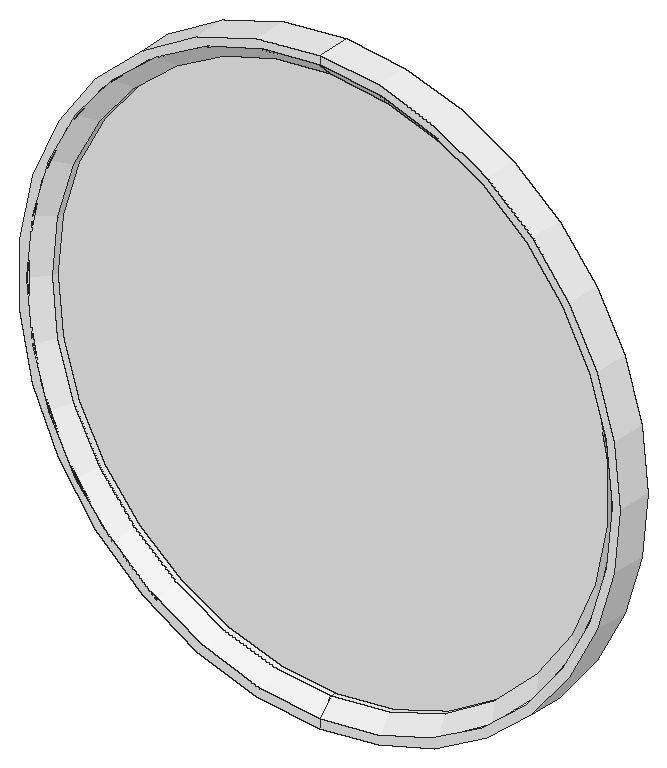
Revit family "xarita s mirror with led lights", category Furniture, Revit 2019 (continued)
Definition of nested family "54986-54986700-matt_white-400_matt_white_content"
  Forms (mm)
    Extrusion 4, solid, visible <- "ContentVisible", detail levels medium+fine
      sketch origin (0, 0, 0) x (0, 0, -1) y (0, 1, 0)
        loop
          line (326.2, -33) -> (343, -50) -> (353, -50) -> (353, -11) -> (326.2, -11) -> (326.2, -33)
      from -493 to 493
    Extrusion 5, solid, visible <- "ContentVisible", detail levels medium+fine
      sketch origin (0, -11, 0) x (1, 0, 0) y (0, 0, -1)
        loop
          arc (-496, -278) -> (-478.134, -321.134) -> (-435, -339) r 61
          line (-435, -339) -> (0, -339) -> (0, -302) -> (-459, -302) -> (-459, 302) -> (0, 302) -> (0, 339) -> (-435, 339)
          arc (-435, 339) -> (-478.134, 321.134) -> (-496, 278) r 61
          line (-496, 278) -> (-496, -278)
      from 0 to 7.5
    Extrusion 6, solid, visible <- "ContentVisible", detail levels medium+fine
      sketch origin (0, -11, 0) x (1, 0, 0) y (0, 0, -1)
        loop
          line (0, -302) -> (0, -339) -> (435, -339)
          arc (435, -339) -> (478.134, -321.134) -> (496, -278) r 61
          line (496, -278) -> (496, 278)
          arc (496, 278) -> (478.134, 321.134) -> (435, 339) r 61
          line (435, 339) -> (0, 339) -> (0, 302) -> (459, 302) -> (459, -302) -> (0, -302)
      from 0 to 7.5
    Extrusion 7, solid, visible <- "ContentVisible", detail levels medium+fine
      sketch origin (0, 0, 0) x (1, 0, 0) y (0, 0, -1)
        loop
          arc (-485, -256) -> (-467.134, -299.134) -> (-424, -317) r 61
          line (-424, -317) -> (0, -317) -> (0, -284) -> (-452, -284) -> (-452, 284) -> (0, 284) -> (0, 317) -> (-424, 317)
          arc (-424, 317) -> (-467.134, 299.134) -> (-485, 256) r 61
          line (-485, 256) -> (-485, -256)
      from -11 to 0
    Extrusion 8, solid, visible <- "ContentVisible", detail levels medium+fine
      sketch origin (0, 0, 0) x (1, 0, 0) y (0, 0, -1)
        loop
          line (0, -284) -> (0, -317) -> (424, -317)
          arc (424, -317) -> (467.134, -299.134) -> (485, -256) r 61
          line (485, -256) -> (485, 256)
          arc (485, 256) -> (467.134, 299.134) -> (424, 317) r 61
          line (424, 317) -> (0, 317) -> (0, 284) -> (452, 284) -> (452, -284) -> (0, -284)
      from -11 to 0
    Extrusion 9, solid, visible <- "ContentVisible", detail levels medium+fine
      sketch origin (0, -26, 0) x (1, 0, 0) y (0, 0, -1)
        loop
          line (-489.6, 326) -> (-489.6, -326) -> (489.6, -326) -> (489.6, 326) -> (-489.6, 326)
      from 0 to 4
    Extrusion 10, solid, visible <- "ContentVisible", detail levels coarse
      sketch origin (0, -25, -353) x (1, 0, 0) y (0, 1, 0)
        loop
          line (-503, -25) -> (503, -25) -> (503, 25) -> (-503, 25) -> (-503, -25)
      from 0 to 706
  Dimensions and locks
    aligned and locked: level to plane 2
Definition of nested family "54987-54987700-matt_white-200_matt_white_content"
  Parameters (values of type "54987-54987700-MATT_WHITE-200_MATT_WHITE_Content")
    etim7_EC010550 = "EC010550"
    WIDTH = "806"
    WEIGHT = "9"
    UNSPSC = "56 | Furniture and Furnishings"
    UNIFORMATII = "E2010 | Fixed Furnishings"
    UNICLASS_2015_CODE = "25_71_53_06"
    UNICLASS2015 = "Pr_25_71_53_06 | Bathroom mirrors"
    TYPE = "R"
    SPECIFICATION = "Surfaces:    - 54987700 Matt White      Specification:    • material: mirror glass   • material frame: aluminium   • surface material: powder coating   • MoistureProof: durable and splash water resistant material  • SmartTouch: light control via capacitive sensor, sensor switch in the mirror surface  • light source: LED, exchangeable  • direct LED light with 5 different color temperatures gradations  • colour temperature: 2700 - 6500 K  • LED lifetime: > 50.000 hours   • stepless dimmable  • AntiFog: with mirror heating  • Auto-off function: automatic shutdown for all functions   • Memory function: Dimming, color temperature and RGB LED settings  • with mounting material  • concealed fastening  • wall-mounted"
    R1 = 706
    PRODUCTURL = "https://pro.hansgrohe.com/articledetail--54987700"
    PERMALINK = "54987XXX"
    OMNICLASS = "23-21 37 13 15 | Mirrors"
    OBJECTTYPE = "Object (single object)"
    NN = "Xarita S Mirror with LED lights"
    NBSYN = "$BASENUMBER.-$ARTNR.-$MATERIAL.-$LODLEVEL."
    NB = "54987-54987700-MATT_WHITE-200"
    NAME = "Xarita E Mirror with LED lights 800/50 capacitive touch sensor"
    Model = "54987-54987700-MATT_WHITE-200"
    Manufacturer = "Hansgrohe"
    MATERIAL = "MATT_WHITE"
    MASTERFORMAT = "08 83 00 | Mirrors"
    LODLEVEL = "200"
    LINA = "54987-54987700-MATT_WHITE-200"
    L = 806
    IFC = "Furnishing element"
    IDNR = 7
    HEIGHT = "706"
    GTINCODE = "4059625463819"
    ETIM = "EC010550 | Mirror"
    Default Elevation = 1219.2 mm
    DESIGN = "Germany"
    DEPTH = "50"
    ContentVisible [instance] = yes
    COLLECTIONSET = "Xarita E"
    COLLECTIONGROUP = "Mirrors"
    CATALOG = "Hansgrohe"
    BIMOBJECT = "Sanitary: Mirrors"
    BASENUMBER = "54987"
    ARTNR = "54987700"
  Reference planes
    plane 1 "Center (Front/Back)": y = 0
    plane 2: z = 0
    plane 3 "Center (Left/Right)": x = 0
  Forms (mm)
    Extrusion 1, solid, visible <- "ContentVisible", detail levels medium+fine
      sketch origin (0, -26, 0) x (1, 0, 0) y (0, 0, -1)
        loop
          line (-389.6, 326) -> (-389.6, -326) -> (389.6, -326) -> (389.6, 326) -> (-389.6, 326)
      from 0 to 4
    Extrusion 2, solid, visible <- "ContentVisible", detail levels medium+fine
      sketch origin (0, 0, 0) x (1, 0, 0) y (0, 0, -1)
        loop
          line (-403, 353) -> (-403, -353) -> (0, -353) -> (0, -326) -> (-376, -326) -> (-376, 326) -> (0, 326) -> (0, 353) -> (-403, 353)
      from -50 to 0
    Extrusion 3, solid, visible <- "ContentVisible", detail levels medium+fine
      sketch origin (0, 0, 0) x (1, 0, 0) y (0, 0, -1)
        loop
          line (0, -326) -> (0, -353) -> (403, -353) -> (403, 353) -> (0, 353) -> (0, 326) -> (376, 326) -> (376, -326) -> (0, -326)
      from -50 to 0
    Extrusion 4, solid, visible <- "ContentVisible", detail levels coarse
      sketch origin (0, -25, -353) x (1, 0, 0) y (0, 1, 0)
        loop
          line (-403, -25) -> (403, -25) -> (403, 25) -> (-403, 25) -> (-403, -25)
      from 0 to 706
  Dimensions and locks
    aligned and locked: level to plane 2
Definition of nested family "54987-54987700-matt_white-400_matt_white_content"
  Parameters (values of type "54987-54987700-MATT_WHITE-400_MATT_WHITE_Content")
    etim7_EC010550 = "EC010550"
    WIDTH = "806"
    WEIGHT = "9"
    UNSPSC = "56 | Furniture and Furnishings"
    UNIFORMATII = "E2010 | Fixed Furnishings"
    UNICLASS_2015_CODE = "25_71_53_06"
    UNICLASS2015 = "Pr_25_71_53_06 | Bathroom mirrors"
    TYPE = "R"
    SPECIFICATION = "Surfaces:    - 54987700 Matt White      Specification:    • material: mirror glass   • material frame: aluminium   • surface material: powder coating   • MoistureProof: durable and splash water resistant material  • SmartTouch: light control via capacitive sensor, sensor switch in the mirror surface  • light source: LED, exchangeable  • direct LED light with 5 different color temperatures gradations  • colour temperature: 2700 - 6500 K  • LED lifetime: > 50.000 hours   • stepless dimmable  • AntiFog: with mirror heating  • Auto-off function: automatic shutdown for all functions   • Memory function: Dimming, color temperature and RGB LED settings  • with mounting material  • concealed fastening  • wall-mounted"
    R1 = 706
    PRODUCTURL = "https://pro.hansgrohe.com/articledetail--54987700"
    PERMALINK = "54987XXX"
    OMNICLASS = "23-21 37 13 15 | Mirrors"
    OBJECTTYPE = "Object (single object)"
    NN = "Xarita S Mirror with LED lights"
    NBSYN = "$BASENUMBER.-$ARTNR.-$MATERIAL.-$LODLEVEL."
    NB = "54987-54987700-MATT_WHITE-400"
    NAME = "Xarita E Mirror with LED lights 800/50 capacitive touch sensor"
    Model = "54987-54987700-MATT_WHITE-400"
    Manufacturer = "Hansgrohe"
    MATERIAL = "MATT_WHITE"
    MASTERFORMAT = "08 83 00 | Mirrors"
    LODLEVEL = "400"
    LINA = "54987-54987700-MATT_WHITE-400"
    L = 806
    IFC = "Furnishing element"
    IDNR = 7
    HEIGHT = "706"
    GTINCODE = "4059625463819"
    ETIM = "EC010550 | Mirror"
    Default Elevation = 1219.2 mm
    DESIGN = "Germany"
    DEPTH = "50"
    ContentVisible [instance] = yes
    COLLECTIONSET = "Xarita E"
    COLLECTIONGROUP = "Mirrors"
    CATALOG = "Hansgrohe"
    BIMOBJECT = "Sanitary: Mirrors"
    BASENUMBER = "54987"
    ARTNR = "54987700"
  Reference planes
    plane 1 "Center (Front/Back)": y = 0
    plane 2: z = 0
    plane 3 "Center (Left/Right)": x = 0
  Forms (mm)
    Extrusion 1, solid, visible <- "ContentVisible", detail levels medium+fine
      sketch origin (0, 0, 0) x (0, 0, -1) y (0, 1, 0)
        loop
          line (-353, -50) -> (-343, -50) -> (-326.2, -33) -> (-326.2, -11) -> (-353, -11) -> (-353, -50)
      from -393 to 393
    Extrusion 2, solid, visible <- "ContentVisible", detail levels medium+fine
      sketch origin (0, 0, 0) x (1, 0, 0) y (0, 1, 0)
        loop
          line (-403, -11) -> (-403, -50) -> (-393, -50) -> (-376.2, -33) -> (-376.2, -11) -> (-403, -11)
      from -353 to 353
    Extrusion 3, solid, visible <- "ContentVisible", detail levels medium+fine
      sketch origin (0, 0, 0) x (1, 0, 0) y (0, 1, 0)
        loop
          line (376.2, -33) -> (393, -50) -> (403, -50) -> (403, -11) -> (376.2, -11) -> (376.2, -33)
      from -353 to 353
    Extrusion 4, solid, visible <- "ContentVisible", detail levels medium+fine
      sketch origin (0, 0, 0) x (0, 0, -1) y (0, 1, 0)
        loop
          line (326.2, -33) -> (343, -50) -> (353, -50) -> (353, -11) -> (326.2, -11) -> (326.2, -33)
      from -393 to 393
    Extrusion 5, solid, visible <- "ContentVisible", detail levels medium+fine
      sketch origin (0, -11, 0) x (1, 0, 0) y (0, 0, -1)
        loop
          arc (-396, -278) -> (-378.134, -321.134) -> (-335, -339) r 61
          line (-335, -339) -> (0, -339) -> (0, -302) -> (-359, -302) -> (-359, 302) -> (0, 302) -> (0, 339) -> (-335, 339)
          arc (-335, 339) -> (-378.134, 321.134) -> (-396, 278) r 61
          line (-396, 278) -> (-396, -278)
      from 0 to 7.5
    Extrusion 6, solid, visible <- "ContentVisible", detail levels medium+fine
      sketch origin (0, -11, 0) x (1, 0, 0) y (0, 0, -1)
        loop
          line (0, -302) -> (0, -339) -> (335, -339)
          arc (335, -339) -> (378.134, -321.134) -> (396, -278) r 61
          line (396, -278) -> (396, 278)
          arc (396, 278) -> (378.134, 321.134) -> (335, 339) r 61
          line (335, 339) -> (0, 339) -> (0, 302) -> (359, 302) -> (359, -302) -> (0, -302)
      from 0 to 7.5
    Extrusion 7, solid, visible <- "ContentVisible", detail levels medium+fine
      sketch origin (0, 0, 0) x (1, 0, 0) y (0, 0, -1)
        loop
          arc (-385, -256) -> (-367.134, -299.134) -> (-324, -317) r 61
          line (-324, -317) -> (0, -317) -> (0, -284) -> (-352, -284) -> (-352, 284) -> (0, 284) -> (0, 317) -> (-324, 317)
          arc (-324, 317) -> (-367.134, 299.134) -> (-385, 256) r 61
          line (-385, 256) -> (-385, -256)
      from -11 to 0
    Extrusion 8, solid, visible <- "ContentVisible", detail levels medium+fine
      sketch origin (0, 0, 0) x (1, 0, 0) y (0, 0, -1)
        loop
          line (0, -284) -> (0, -317) -> (324, -317)
          arc (324, -317) -> (367.134, -299.134) -> (385, -256) r 61
          line (385, -256) -> (385, 256)
          arc (385, 256) -> (367.134, 299.134) -> (324, 317) r 61
          line (324, 317) -> (0, 317) -> (0, 284) -> (352, 284) -> (352, -284) -> (0, -284)
      from -11 to 0
    Extrusion 9, solid, visible <- "ContentVisible", detail levels medium+fine
      sketch origin (0, -26, 0) x (1, 0, 0) y (0, 0, -1)
        loop
          line (-389.6, 326) -> (-389.6, -326) -> (389.6, -326) -> (389.6, 326) -> (-389.6, 326)
      from 0 to 4
    Extrusion 10, solid, visible <- "ContentVisible", detail levels coarse
      sketch origin (0, -25, -353) x (1, 0, 0) y (0, 1, 0)
        loop
          line (-403, -25) -> (403, -25) -> (403, 25) -> (-403, 25) -> (-403, -25)
      from 0 to 706
  Dimensions and locks
    aligned and locked: level to plane 2
Definition of nested family "54988-54988700-matt_white-200_matt_white_content"
  Parameters (values of type "54988-54988700-MATT_WHITE-200_MATT_WHITE_Content")
    etim7_EC010550 = "EC010550"
    WIDTH = "606"
    WEIGHT = "7.2"
    UNSPSC = "56 | Furniture and Furnishings"
    UNIFORMATII = "E2010 | Fixed Furnishings"
    UNICLASS_2015_CODE = "25_71_53_06"
    UNICLASS2015 = "Pr_25_71_53_06 | Bathroom mirrors"
    TYPE = "R"
    SPECIFICATION = "Surfaces:    - 54988700 Matt White      Specification:    • material: mirror glass   • material frame: aluminium   • surface material: powder coating   • MoistureProof: durable and splash water resistant material  • SmartTouch: light control via capacitive sensor, sensor switch in the mirror surface  • light source: LED, exchangeable  • direct LED light with 5 different color temperatures gradations  • colour temperature: 2700 - 6500 K  • LED lifetime: > 50.000 hours   • stepless dimmable  • AntiFog: with mirror heating  • Auto-off function: automatic shutdown for all functions   • Memory function: Dimming, color temperature and RGB LED settings  • with mounting material  • concealed fastening  • wall-mounted"
    R1 = 706
    PRODUCTURL = "https://pro.hansgrohe.com/articledetail--54988700"
    PERMALINK = "54988XXX"
    OMNICLASS = "23-21 37 13 15 | Mirrors"
    OBJECTTYPE = "Object (single object)"
    NN = "Xarita S Mirror with LED lights"
    NBSYN = "$BASENUMBER.-$ARTNR.-$MATERIAL.-$LODLEVEL."
    NB = "54988-54988700-MATT_WHITE-200"
    NAME = "Xarita E Mirror with LED lights 600/50 capacitive touch sensor"
    Model = "54988-54988700-MATT_WHITE-200"
    Manufacturer = "Hansgrohe"
    MATERIAL = "MATT_WHITE"
    MASTERFORMAT = "08 83 00 | Mirrors"
    LODLEVEL = "200"
    LINA = "54988-54988700-MATT_WHITE-200"
    L = 606
    IFC = "Furnishing element"
    IDNR = 8
    HEIGHT = "706"
    GTINCODE = "4059625463802"
    ETIM = "EC010550 | Mirror"
    Default Elevation = 1219.2 mm
    DESIGN = "Germany"
    DEPTH = "50"
    ContentVisible [instance] = yes
    COLLECTIONSET = "Xarita E"
    COLLECTIONGROUP = "Mirrors"
    CATALOG = "Hansgrohe"
    BIMOBJECT = "Sanitary: Mirrors"
    BASENUMBER = "54988"
    ARTNR = "54988700"
  Reference planes
    plane 1 "Center (Front/Back)": y = 0
    plane 2: z = 0
    plane 3 "Center (Left/Right)": x = 0
  Forms (mm)
    Extrusion 1, solid, visible <- "ContentVisible", detail levels medium+fine
      sketch origin (0, -26, 0) x (1, 0, 0) y (0, 0, -1)
        loop
          line (-289.6, 326) -> (-289.6, -326) -> (289.6, -326) -> (289.6, 326) -> (-289.6, 326)
      from 0 to 4
    Extrusion 2, solid, visible <- "ContentVisible", detail levels medium+fine
      sketch origin (0, 0, 0) x (1, 0, 0) y (0, 0, -1)
        loop
          line (-303, 353) -> (-303, -353) -> (0, -353) -> (0, -326) -> (-276, -326) -> (-276, 326) -> (0, 326) -> (0, 353) -> (-303, 353)
      from -50 to 0
    Extrusion 3, solid, visible <- "ContentVisible", detail levels medium+fine
      sketch origin (0, 0, 0) x (1, 0, 0) y (0, 0, -1)
        loop
          line (0, -326) -> (0, -353) -> (303, -353) -> (303, 353) -> (0, 353) -> (0, 326) -> (276, 326) -> (276, -326) -> (0, -326)
      from -50 to 0
    Extrusion 4, solid, visible <- "ContentVisible", detail levels coarse
      sketch origin (0, -25, -353) x (1, 0, 0) y (0, 1, 0)
        loop
          line (-303, -25) -> (303, -25) -> (303, 25) -> (-303, 25) -> (-303, -25)
      from 0 to 706
  Dimensions and locks
    aligned and locked: level to plane 2
Definition of nested family "54988-54988700-matt_white-400_matt_white_content"
  Parameters (values of type "54988-54988700-MATT_WHITE-400_MATT_WHITE_Content")
    etim7_EC010550 = "EC010550"
    WIDTH = "606"
    WEIGHT = "7.2"
    UNSPSC = "56 | Furniture and Furnishings"
    UNIFORMATII = "E2010 | Fixed Furnishings"
    UNICLASS_2015_CODE = "25_71_53_06"
    UNICLASS2015 = "Pr_25_71_53_06 | Bathroom mirrors"
    TYPE = "R"
    SPECIFICATION = "Surfaces:    - 54988700 Matt White      Specification:    • material: mirror glass   • material frame: aluminium   • surface material: powder coating   • MoistureProof: durable and splash water resistant material  • SmartTouch: light control via capacitive sensor, sensor switch in the mirror surface  • light source: LED, exchangeable  • direct LED light with 5 different color temperatures gradations  • colour temperature: 2700 - 6500 K  • LED lifetime: > 50.000 hours   • stepless dimmable  • AntiFog: with mirror heating  • Auto-off function: automatic shutdown for all functions   • Memory function: Dimming, color temperature and RGB LED settings  • with mounting material  • concealed fastening  • wall-mounted"
    R1 = 706
    PRODUCTURL = "https://pro.hansgrohe.com/articledetail--54988700"
    PERMALINK = "54988XXX"
    OMNICLASS = "23-21 37 13 15 | Mirrors"
    OBJECTTYPE = "Object (single object)"
    NN = "Xarita S Mirror with LED lights"
    NBSYN = "$BASENUMBER.-$ARTNR.-$MATERIAL.-$LODLEVEL."
    NB = "54988-54988700-MATT_WHITE-400"
    NAME = "Xarita E Mirror with LED lights 600/50 capacitive touch sensor"
    Model = "54988-54988700-MATT_WHITE-400"
    Manufacturer = "Hansgrohe"
    MATERIAL = "MATT_WHITE"
    MASTERFORMAT = "08 83 00 | Mirrors"
    LODLEVEL = "400"
    LINA = "54988-54988700-MATT_WHITE-400"
    L = 606
    IFC = "Furnishing element"
    IDNR = 8
    HEIGHT = "706"
    GTINCODE = "4059625463802"
    ETIM = "EC010550 | Mirror"
    Default Elevation = 1219.2 mm
    DESIGN = "Germany"
    DEPTH = "50"
    ContentVisible [instance] = yes
    COLLECTIONSET = "Xarita E"
    COLLECTIONGROUP = "Mirrors"
    CATALOG = "Hansgrohe"
    BIMOBJECT = "Sanitary: Mirrors"
    BASENUMBER = "54988"
    ARTNR = "54988700"
  Reference planes
    plane 1 "Center (Front/Back)": y = 0
    plane 2: z = 0
    plane 3 "Center (Left/Right)": x = 0
  Forms (mm)
    Extrusion 1, solid, visible <- "ContentVisible", detail levels medium+fine
      sketch origin (0, 0, 0) x (0, 0, -1) y (0, 1, 0)
        loop
          line (-353, -50) -> (-343, -50) -> (-326.2, -33) -> (-326.2, -11) -> (-353, -11) -> (-353, -50)
      from -293 to 293
    Extrusion 2, solid, visible <- "ContentVisible", detail levels medium+fine
      sketch origin (0, 0, 0) x (1, 0, 0) y (0, 1, 0)
        loop
          line (-303, -11) -> (-303, -50) -> (-293, -50) -> (-276.2, -33) -> (-276.2, -11) -> (-303, -11)
      from -353 to 353
    Extrusion 3, solid, visible <- "ContentVisible", detail levels medium+fine
      sketch origin (0, 0, 0) x (1, 0, 0) y (0, 1, 0)
        loop
          line (276.2, -33) -> (293, -50) -> (303, -50) -> (303, -11) -> (276.2, -11) -> (276.2, -33)
      from -353 to 353
    Extrusion 4, solid, visible <- "ContentVisible", detail levels medium+fine
      sketch origin (0, 0, 0) x (0, 0, -1) y (0, 1, 0)
        loop
          line (326.2, -33) -> (343, -50) -> (353, -50) -> (353, -11) -> (326.2, -11) -> (326.2, -33)
      from -293 to 293
    Extrusion 5, solid, visible <- "ContentVisible", detail levels medium+fine
      sketch origin (0, -11, 0) x (1, 0, 0) y (0, 0, -1)
        loop
          arc (-296, -278) -> (-278.134, -321.134) -> (-235, -339) r 61
          line (-235, -339) -> (0, -339) -> (0, -302) -> (-259, -302) -> (-259, 302) -> (0, 302) -> (0, 339) -> (-235, 339)
          arc (-235, 339) -> (-278.134, 321.134) -> (-296, 278) r 61
          line (-296, 278) -> (-296, -278)
      from 0 to 7.5
    Extrusion 6, solid, visible <- "ContentVisible", detail levels medium+fine
      sketch origin (0, -11, 0) x (1, 0, 0) y (0, 0, -1)
        loop
          line (0, -302) -> (0, -339) -> (235, -339)
          arc (235, -339) -> (278.134, -321.134) -> (296, -278) r 61
          line (296, -278) -> (296, 278)
          arc (296, 278) -> (278.134, 321.134) -> (235, 339) r 61
          line (235, 339) -> (0, 339) -> (0, 302) -> (259, 302) -> (259, -302) -> (0, -302)
      from 0 to 7.5
    Extrusion 7, solid, visible <- "ContentVisible", detail levels medium+fine
      sketch origin (0, 0, 0) x (1, 0, 0) y (0, 0, -1)
        loop
          arc (-285, -256) -> (-267.134, -299.134) -> (-224, -317) r 61
          line (-224, -317) -> (0, -317) -> (0, -284) -> (-252, -284) -> (-252, 284) -> (0, 284) -> (0, 317) -> (-224, 317)
          arc (-224, 317) -> (-267.134, 299.134) -> (-285, 256) r 61
          line (-285, 256) -> (-285, -256)
      from -11 to 0
    Extrusion 8, solid, visible <- "ContentVisible", detail levels medium+fine
      sketch origin (0, 0, 0) x (1, 0, 0) y (0, 0, -1)
        loop
          line (0, -284) -> (0, -317) -> (224, -317)
          arc (224, -317) -> (267.134, -299.134) -> (285, -256) r 61
          line (285, -256) -> (285, 256)
          arc (285, 256) -> (267.134, 299.134) -> (224, 317) r 61
          line (224, 317) -> (0, 317) -> (0, 284) -> (252, 284) -> (252, -284) -> (0, -284)
      from -11 to 0
    Extrusion 9, solid, visible <- "ContentVisible", detail levels medium+fine
      sketch origin (0, -26, 0) x (1, 0, 0) y (0, 0, -1)
        loop
          line (-289.6, 326) -> (-289.6, -326) -> (289.6, -326) -> (289.6, 326) -> (-289.6, 326)
      from 0 to 4
    Extrusion 10, solid, visible <- "ContentVisible", detail levels coarse
      sketch origin (0, -25, -353) x (1, 0, 0) y (0, 1, 0)
        loop
          line (-303, -25) -> (303, -25) -> (303, 25) -> (-303, 25) -> (-303, -25)
      from 0 to 706
  Dimensions and locks
    aligned and locked: level to plane 2
Definition of nested family "54989-54989700-matt_white-200_matt_white_content"
  Parameters (values of type "54989-54989700-MATT_WHITE-200_MATT_WHITE_Content")
    etim7_EC010550 = "EC010550"
    WIDTH = "506"
    WEIGHT = "6.2"
    UNSPSC = "56 | Furniture and Furnishings"
    UNIFORMATII = "E2010 | Fixed Furnishings"
    UNICLASS_2015_CODE = "25_71_53_06"
    UNICLASS2015 = "Pr_25_71_53_06 | Bathroom mirrors"
    TYPE = "R"
    SPECIFICATION = "Surfaces:    - 54989700 Matt White      Specification:    • material: mirror glass   • material frame: aluminium   • surface material: powder coating   • MoistureProof: durable and splash water resistant material  • SmartTouch: light control via capacitive sensor, sensor switch in the mirror surface  • light source: LED, exchangeable  • direct LED light with 5 different color temperatures gradations  • colour temperature: 2700 - 6500 K  • LED lifetime: > 50.000 hours   • stepless dimmable  • AntiFog: with mirror heating  • Auto-off function: automatic shutdown for all functions   • Memory function: Dimming, color temperature and RGB LED settings  • with mounting material  • concealed fastening  • wall-mounted"
    R1 = 706
    PRODUCTURL = "https://pro.hansgrohe.com/articledetail--54989700"
    PERMALINK = "54989XXX"
    OMNICLASS = "23-21 37 13 15 | Mirrors"
    OBJECTTYPE = "Object (single object)"
    NN = "Xarita S Mirror with LED lights"
    NBSYN = "$BASENUMBER.-$ARTNR.-$MATERIAL.-$LODLEVEL."
    NB = "54989-54989700-MATT_WHITE-200"
    NAME = "Xarita E Mirror with LED lights 500/50 capacitive touch sensor"
    Model = "54989-54989700-MATT_WHITE-200"
    Manufacturer = "Hansgrohe"
    MATERIAL = "MATT_WHITE"
    MASTERFORMAT = "08 83 00 | Mirrors"
    LODLEVEL = "200"
    LINA = "54989-54989700-MATT_WHITE-200"
    L = 506
    IFC = "Furnishing element"
    IDNR = 9
    HEIGHT = "706"
    GTINCODE = "4059625463796"
    ETIM = "EC010550 | Mirror"
    Default Elevation = 1219.2 mm
    DESIGN = "Germany"
    DEPTH = "50"
    ContentVisible [instance] = yes
    COLLECTIONSET = "Xarita E"
    COLLECTIONGROUP = "Mirrors"
    CATALOG = "Hansgrohe"
    BIMOBJECT = "Sanitary: Mirrors"
    BASENUMBER = "54989"
    ARTNR = "54989700"
  Reference planes
    plane 1 "Center (Front/Back)": y = 0
    plane 2: z = 0
    plane 3 "Center (Left/Right)": x = 0
  Forms (mm)
    Extrusion 1, solid, visible <- "ContentVisible", detail levels medium+fine
      sketch origin (0, -26, 0) x (1, 0, 0) y (0, 0, -1)
        loop
          line (-239.6, 326) -> (-239.6, -326) -> (239.6, -326) -> (239.6, 326) -> (-239.6, 326)
      from 0 to 4
    Extrusion 2, solid, visible <- "ContentVisible", detail levels medium+fine
      sketch origin (0, 0, 0) x (1, 0, 0) y (0, 0, -1)
        loop
          line (-253, 353) -> (-253, -353) -> (0, -353) -> (0, -326) -> (-226, -326) -> (-226, 326) -> (0, 326) -> (0, 353) -> (-253, 353)
      from -50 to 0
    Extrusion 3, solid, visible <- "ContentVisible", detail levels medium+fine
      sketch origin (0, 0, 0) x (1, 0, 0) y (0, 0, -1)
        loop
          line (0, -326) -> (0, -353) -> (253, -353) -> (253, 353) -> (0, 353) -> (0, 326) -> (226, 326) -> (226, -326) -> (0, -326)
      from -50 to 0
    Extrusion 4, solid, visible <- "ContentVisible", detail levels coarse
      sketch origin (0, -25, -353) x (1, 0, 0) y (0, 1, 0)
        loop
          line (-253, -25) -> (253, -25) -> (253, 25) -> (-253, 25) -> (-253, -25)
      from 0 to 706
  Dimensions and locks
    aligned and locked: level to plane 2
Definition of nested family "54989-54989700-matt_white-400_matt_white_content"
  Parameters (values of type "54989-54989700-MATT_WHITE-400_MATT_WHITE_Content")
    etim7_EC010550 = "EC010550"
    WIDTH = "506"
    WEIGHT = "6.2"
    UNSPSC = "56 | Furniture and Furnishings"
    UNIFORMATII = "E2010 | Fixed Furnishings"
    UNICLASS_2015_CODE = "25_71_53_06"
    UNICLASS2015 = "Pr_25_71_53_06 | Bathroom mirrors"
    TYPE = "R"
    SPECIFICATION = "Surfaces:    - 54989700 Matt White      Specification:    • material: mirror glass   • material frame: aluminium   • surface material: powder coating   • MoistureProof: durable and splash water resistant material  • SmartTouch: light control via capacitive sensor, sensor switch in the mirror surface  • light source: LED, exchangeable  • direct LED light with 5 different color temperatures gradations  • colour temperature: 2700 - 6500 K  • LED lifetime: > 50.000 hours   • stepless dimmable  • AntiFog: with mirror heating  • Auto-off function: automatic shutdown for all functions   • Memory function: Dimming, color temperature and RGB LED settings  • with mounting material  • concealed fastening  • wall-mounted"
    R1 = 706
    PRODUCTURL = "https://pro.hansgrohe.com/articledetail--54989700"
    PERMALINK = "54989XXX"
    OMNICLASS = "23-21 37 13 15 | Mirrors"
    OBJECTTYPE = "Object (single object)"
    NN = "Xarita S Mirror with LED lights"
    NBSYN = "$BASENUMBER.-$ARTNR.-$MATERIAL.-$LODLEVEL."
    NB = "54989-54989700-MATT_WHITE-400"
    NAME = "Xarita E Mirror with LED lights 500/50 capacitive touch sensor"
    Model = "54989-54989700-MATT_WHITE-400"
    Manufacturer = "Hansgrohe"
    MATERIAL = "MATT_WHITE"
    MASTERFORMAT = "08 83 00 | Mirrors"
    LODLEVEL = "400"
    LINA = "54989-54989700-MATT_WHITE-400"
    L = 506
    IFC = "Furnishing element"
    IDNR = 9
    HEIGHT = "706"
    GTINCODE = "4059625463796"
    ETIM = "EC010550 | Mirror"
    Default Elevation = 1219.2 mm
    DESIGN = "Germany"
    DEPTH = "50"
    ContentVisible [instance] = yes
    COLLECTIONSET = "Xarita E"
    COLLECTIONGROUP = "Mirrors"
    CATALOG = "Hansgrohe"
    BIMOBJECT = "Sanitary: Mirrors"
    BASENUMBER = "54989"
    ARTNR = "54989700"
  Reference planes
    plane 1 "Center (Front/Back)": y = 0
    plane 2: z = 0
    plane 3 "Center (Left/Right)": x = 0
  Forms (mm)
    Extrusion 1, solid, visible <- "ContentVisible", detail levels medium+fine
      sketch origin (0, 0, 0) x (0, 0, -1) y (0, 1, 0)
        loop
          line (-353, -50) -> (-343, -50) -> (-326.2, -33) -> (-326.2, -11) -> (-353, -11) -> (-353, -50)
      from -243 to 243
    Extrusion 2, solid, visible <- "ContentVisible", detail levels medium+fine
      sketch origin (0, 0, 0) x (1, 0, 0) y (0, 1, 0)
        loop
          line (-253, -11) -> (-253, -50) -> (-243, -50) -> (-226.2, -33) -> (-226.2, -11) -> (-253, -11)
      from -353 to 353
    Extrusion 3, solid, visible <- "ContentVisible", detail levels medium+fine
      sketch origin (0, 0, 0) x (1, 0, 0) y (0, 1, 0)
        loop
          line (226.2, -33) -> (243, -50) -> (253, -50) -> (253, -11) -> (226.2, -11) -> (226.2, -33)
      from -353 to 353
    Extrusion 4, solid, visible <- "ContentVisible", detail levels medium+fine
      sketch origin (0, 0, 0) x (0, 0, -1) y (0, 1, 0)
        loop
          line (326.2, -33) -> (343, -50) -> (353, -50) -> (353, -11) -> (326.2, -11) -> (326.2, -33)
      from -243 to 243
    Extrusion 5, solid, visible <- "ContentVisible", detail levels medium+fine
      sketch origin (0, -11, 0) x (1, 0, 0) y (0, 0, -1)
        loop
          arc (-246, -278) -> (-228.134, -321.134) -> (-185, -339) r 61
          line (-185, -339) -> (0, -339) -> (0, -302) -> (-209, -302) -> (-209, 302) -> (0, 302) -> (0, 339) -> (-185, 339)
          arc (-185, 339) -> (-228.134, 321.134) -> (-246, 278) r 61
          line (-246, 278) -> (-246, -278)
      from 0 to 7.5
    Extrusion 6, solid, visible <- "ContentVisible", detail levels medium+fine
      sketch origin (0, -11, 0) x (1, 0, 0) y (0, 0, -1)
        loop
          line (0, -302) -> (0, -339) -> (185, -339)
          arc (185, -339) -> (228.134, -321.134) -> (246, -278) r 61
          line (246, -278) -> (246, 278)
          arc (246, 278) -> (228.134, 321.134) -> (185, 339) r 61
          line (185, 339) -> (0, 339) -> (0, 302) -> (209, 302) -> (209, -302) -> (0, -302)
      from 0 to 7.5
    Extrusion 7, solid, visible <- "ContentVisible", detail levels medium+fine
      sketch origin (0, 0, 0) x (1, 0, 0) y (0, 0, -1)
        loop
          arc (-235, -256) -> (-217.134, -299.134) -> (-174, -317) r 61
          line (-174, -317) -> (0, -317) -> (0, -284) -> (-202, -284) -> (-202, 284) -> (0, 284) -> (0, 317) -> (-174, 317)
          arc (-174, 317) -> (-217.134, 299.134) -> (-235, 256) r 61
          line (-235, 256) -> (-235, -256)
      from -11 to 0
    Extrusion 8, solid, visible <- "ContentVisible", detail levels medium+fine
      sketch origin (0, 0, 0) x (1, 0, 0) y (0, 0, -1)
        loop
          line (0, -284) -> (0, -317) -> (174, -317)
          arc (174, -317) -> (217.134, -299.134) -> (235, -256) r 61
          line (235, -256) -> (235, 256)
          arc (235, 256) -> (217.134, 299.134) -> (174, 317) r 61
          line (174, 317) -> (0, 317) -> (0, 284) -> (202, 284) -> (202, -284) -> (0, -284)
      from -11 to 0
    Extrusion 9, solid, visible <- "ContentVisible", detail levels medium+fine
      sketch origin (0, -26, 0) x (1, 0, 0) y (0, 0, -1)
        loop
          line (-239.6, 326) -> (-239.6, -326) -> (239.6, -326) -> (239.6, 326) -> (-239.6, 326)
      from 0 to 4
    Extrusion 10, solid, visible <- "ContentVisible", detail levels coarse
      sketch origin (0, -25, -353) x (1, 0, 0) y (0, 1, 0)
        loop
          line (-253, -25) -> (253, -25) -> (253, 25) -> (-253, 25) -> (-253, -25)
      from 0 to 706
  Dimensions and locks
    aligned and locked: level to plane 2
Types (18, lengths in mm): name | WIDTH | WEIGHT | TYPE | SPECIFICATION | R1 | PRODUCTURL | PERMALINK | NB | NAME | Model | MIdent | LODLEVEL | LINA | L | IDNR | HEIGHT | GTINCODE | COLLECTIONSET | BASENUMBER | ARTNR | 54989-54989700-MATT_WHITE-400_RX0RY0RZ0TX0TY0TZ0_V | 54989-54989700-MATT_WHITE-200_RX0RY0RZ0TX0TY0TZ0_V | 54988-54988700-MATT_WHITE-400_RX0RY0RZ0TX0TY0TZ0_V | 54988-54988700-MATT_WHITE-200_RX0RY0RZ0TX0TY0TZ0_V | 54987-54987700-MATT_WHITE-400_RX0RY0RZ0TX0TY0TZ0_V | 54987-54987700-MATT_WHITE-200_RX0RY0RZ0TX0TY0TZ0_V | 54986-54986700-MATT_WHITE-400_RX0RY0RZ0TX0TY0TZ0_V | 54986-54986700-MATT_WHITE-200_RX0RY0RZ0TX0TY0TZ0_V | 54985-54985700-MATT_WHITE-400_RX0RY0RZ0TX0TY0TZ0_V | 54985-54985700-MATT_WHITE-200_RX0RY0RZ0TX0TY0TZ0_V | 54984-54984700-MATT_WHITE-400_RX0RY0RZ0TX0TY0TZ0_V | 54984-54984700-MATT_WHITE-200_RX0RY0RZ0TX0TY0TZ0_V | 54983-54983700-MATT_WHITE-400_RX0RY0RZ0TX0TY0TZ0_V | 54983-54983700-MATT_WHITE-200_RX0RY0RZ0TX0TY0TZ0_V | 54982-54982700-MATT_WHITE-400_RX0RY0RZ0TX0TY0TZ0_V | 54982-54982700-MATT_WHITE-200_RX0RY0RZ0TX0TY0TZ0_V | 54981-54981700-MATT_WHITE-400_RX0RY0RZ0TX0TY0TZ0_V | 54981-54981700-MATT_WHITE-200_RX0RY0RZ0TX0TY0TZ0_V
  54981-54981700-MATT_WHITE-200 | "900" | "7.7" | "C" | "Surfaces:    - 54981700 Matt White      Specification:    • material: mirror glass   • material frame: aluminium   • surface material: powder coating   • MoistureProof: durable and splash water resistant material  • SmartTouch: light control via capacitive sensor, sensor switch in the mirror surface  • light source: LED, exchangeable  • direct LED light with 5 different color temperatures gradations  • colour temperature: 2700 - 6500 K  • LED lifetime: > 50.000 hours   • stepless dimmable  • AntiFog: with mirror heating  • Auto-off function: automatic shutdown for all functions   • Memory function: Dimming, color temperature and RGB LED settings  • with mounting material  • concealed fastening  • wall-mounted" | 450 | "https://pro.hansgrohe.com/articledetail--54981700" | "54981XXX" | "54981-54981700-MATT_WHITE-200" | "Xarita S Mirror with LED lights 900/50 capacitive touch sensor" | "54981-54981700-MATT_WHITE-200" | "{$CADENAS_DATA/23d-libs/hansgrohe/xarita_mirror/xarita_mirror_led_lights_capacitive_touch_sens.prj},231 {VTYP=3D},{NB=54981-54981700-MATT_WHITE-200},{LINA=54981-54981700-MATT_WHITE-200},{NN=Xarita S Mirror with LED lights},{DATE=13.03.2023 09:42:43},{GEOMDATE=12.03.2023 07:50:00},{VERSION=},{LINEID=10},{WBVAR=LODLEVEL},{WBNUMERIC=}  {NB=54981-54981700-MATT_WHITE-200},{LINA=54981-54981700-MATT_WHITE-200},{KT=DUMMY},{IDNR=1},{ARTNR=54981700},{BASENUMBER=54981},{MODEL=54981XXX},{MATERIAL=MATT_WHITE},{LODLEVEL=200},{LODLEVELX='400','400','200','200'},{L=50.000},{R1=450.000},{TYPE=C},{NAME=Xarita S Mirror with LED lights 900/50 capacitive touch sensor},{PERMALINK=54981XXX},{OBJECTTYPE=Object (single object)},{BIMOBJECT=Sanitary: Mirrors},{COLLECTIONSET=Xarita S},{COLLECTIONGROUP=Mirrors},{WIDTH=900},{HEIGHT=900},{DEPTH=50},{WEIGHT=7.7},{DESCRIPTION=Xarita S Mirror with LED lights 900/50 capacitive touch sensor},{SPECIFICATION=Surfaces:    - 54981700 Matt White      Specification:    • material: mirror glass   • material frame: aluminium   • surface material: powder coating   • MoistureProof: durable and splash water resistant material  • SmartTouch: light control via capacitive sensor, sensor switch in the mirror surface  • light source: LED, exchangeable  • direct LED light with 5 different color temperatures gradations  • colour temperature: 2700 - 6500 K  • LED lifetime: > 50.000 hours   • stepless dimmable  • AntiFog: with mirror heating  • Auto-off function: automatic shutdown for all functions   • Memory function: Dimming, color temperature and RGB LED settings  • with mounting material  • concealed fastening  • wall-mounted},{PRODUCTURL=https://pro.hansgrohe.com/articledetail--54981700},{GTINCODE=4059625463871},{TENDERURL=},{IFC=Furnishing element},{ETIM=EC010550 | Mirror},{UNICLASS2015=Pr_25_71_53_06 | Bathroom mirrors},{OMNICLASS=23-21 37 13 15 | Mirrors},{MASTERFORMAT=08 83 00 | Mirrors},{UNSPSC=56 | Furniture and Furnishings},{UNIFORMATII=E2010 | Fixed Furnishings},{DESIGN=Germany},{MANUFACTURER=Germany}" | "200" | "54981-54981700-MATT_WHITE-200" | 50 | 1 | "900" | "4059625463871" | "Xarita S" | "54981" | "54981700" | no | no | no | no | no | no | no | no | no | no | no | no | no | no | no | no | no | yes
  54981-54981700-MATT_WHITE-400 | "900" | "7.7" | "C" | "Surfaces:    - 54981700 Matt White      Specification:    • material: mirror glass   • material frame: aluminium   • surface material: powder coating   • MoistureProof: durable and splash water resistant material  • SmartTouch: light control via capacitive sensor, sensor switch in the mirror surface  • light source: LED, exchangeable  • direct LED light with 5 different color temperatures gradations  • colour temperature: 2700 - 6500 K  • LED lifetime: > 50.000 hours   • stepless dimmable  • AntiFog: with mirror heating  • Auto-off function: automatic shutdown for all functions   • Memory function: Dimming, color temperature and RGB LED settings  • with mounting material  • concealed fastening  • wall-mounted" | 450 | "https://pro.hansgrohe.com/articledetail--54981700" | "54981XXX" | "54981-54981700-MATT_WHITE-400" | "Xarita S Mirror with LED lights 900/50 capacitive touch sensor" | "54981-54981700-MATT_WHITE-400" | "{$CADENAS_DATA/23d-libs/hansgrohe/xarita_mirror/xarita_mirror_led_lights_capacitive_touch_sens.prj},231 {VTYP=3D},{NB=54981-54981700-MATT_WHITE-400},{LINA=54981-54981700-MATT_WHITE-400},{NN=Xarita S Mirror with LED lights},{DATE=13.03.2023 09:42:43},{GEOMDATE=12.03.2023 07:50:00},{VERSION=},{LINEID=10},{WBVAR=LODLEVEL},{WBNUMERIC=}  {NB=54981-54981700-MATT_WHITE-400},{LINA=54981-54981700-MATT_WHITE-400},{KT=DUMMY},{IDNR=1},{ARTNR=54981700},{BASENUMBER=54981},{MODEL=54981XXX},{MATERIAL=MATT_WHITE},{LODLEVEL=400},{LODLEVELX='400','400','200','200'},{L=50.000},{R1=450.000},{TYPE=C},{NAME=Xarita S Mirror with LED lights 900/50 capacitive touch sensor},{PERMALINK=54981XXX},{OBJECTTYPE=Object (single object)},{BIMOBJECT=Sanitary: Mirrors},{COLLECTIONSET=Xarita S},{COLLECTIONGROUP=Mirrors},{WIDTH=900},{HEIGHT=900},{DEPTH=50},{WEIGHT=7.7},{DESCRIPTION=Xarita S Mirror with LED lights 900/50 capacitive touch sensor},{SPECIFICATION=Surfaces:    - 54981700 Matt White      Specification:    • material: mirror glass   • material frame: aluminium   • surface material: powder coating   • MoistureProof: durable and splash water resistant material  • SmartTouch: light control via capacitive sensor, sensor switch in the mirror surface  • light source: LED, exchangeable  • direct LED light with 5 different color temperatures gradations  • colour temperature: 2700 - 6500 K  • LED lifetime: > 50.000 hours   • stepless dimmable  • AntiFog: with mirror heating  • Auto-off function: automatic shutdown for all functions   • Memory function: Dimming, color temperature and RGB LED settings  • with mounting material  • concealed fastening  • wall-mounted},{PRODUCTURL=https://pro.hansgrohe.com/articledetail--54981700},{GTINCODE=4059625463871},{TENDERURL=},{IFC=Furnishing element},{ETIM=EC010550 | Mirror},{UNICLASS2015=Pr_25_71_53_06 | Bathroom mirrors},{OMNICLASS=23-21 37 13 15 | Mirrors},{MASTERFORMAT=08 83 00 | Mirrors},{UNSPSC=56 | Furniture and Furnishings},{UNIFORMATII=E2010 | Fixed Furnishings},{DESIGN=Germany},{MANUFACTURER=Germany}" | "400" | "54981-54981700-MATT_WHITE-400" | 50 | 1 | "900" | "4059625463871" | "Xarita S" | "54981" | "54981700" | no | no | no | no | no | no | no | no | no | no | no | no | no | no | no | no | yes | no
  54982-54982700-MATT_WHITE-200 | "700" | "11.4" | "C" | "Surfaces:    - 54982700 Matt White      Specification:    • material: mirror glass   • material frame: aluminium   • surface material: powder coating   • MoistureProof: durable and splash water resistant material  • SmartTouch: light control via capacitive sensor, sensor switch in the mirror surface  • light source: LED, exchangeable  • direct LED light with 5 different color temperatures gradations  • colour temperature: 2700 - 6500 K  • LED lifetime: > 50.000 hours   • stepless dimmable  • AntiFog: with mirror heating  • Auto-off function: automatic shutdown for all functions   • Memory function: Dimming, color temperature and RGB LED settings  • with mounting material  • concealed fastening  • wall-mounted" | 352 | "https://pro.hansgrohe.com/articledetail--54982700" | "54982XXX" | "54982-54982700-MATT_WHITE-200" | "Xarita S Mirror with LED lights 700/50 capacitive touch sensor" | "54982-54982700-MATT_WHITE-200" | "{$CADENAS_DATA/23d-libs/hansgrohe/xarita_mirror/xarita_mirror_led_lights_capacitive_touch_sens.prj},231 {VTYP=3D},{NB=54982-54982700-MATT_WHITE-200},{LINA=54982-54982700-MATT_WHITE-200},{NN=Xarita S Mirror with LED lights},{DATE=13.03.2023 09:42:43},{GEOMDATE=12.03.2023 07:50:00},{VERSION=},{LINEID=20},{WBVAR=LODLEVEL},{WBNUMERIC=}  {NB=54982-54982700-MATT_WHITE-200},{LINA=54982-54982700-MATT_WHITE-200},{KT=DUMMY},{IDNR=2},{ARTNR=54982700},{BASENUMBER=54982},{MODEL=54982XXX},{MATERIAL=MATT_WHITE},{LODLEVEL=200},{LODLEVELX='400','400','200','200'},{L=50.000},{R1=352.000},{TYPE=C},{NAME=Xarita S Mirror with LED lights 700/50 capacitive touch sensor},{PERMALINK=54982XXX},{OBJECTTYPE=Object (single object)},{BIMOBJECT=Sanitary: Mirrors},{COLLECTIONSET=Xarita S},{COLLECTIONGROUP=Mirrors},{WIDTH=700},{HEIGHT=700},{DEPTH=50},{WEIGHT=11.4},{DESCRIPTION=Xarita S Mirror with LED lights 700/50 capacitive touch sensor},{SPECIFICATION=Surfaces:    - 54982700 Matt White      Specification:    • material: mirror glass   • material frame: aluminium   • surface material: powder coating   • MoistureProof: durable and splash water resistant material  • SmartTouch: light control via capacitive sensor, sensor switch in the mirror surface  • light source: LED, exchangeable  • direct LED light with 5 different color temperatures gradations  • colour temperature: 2700 - 6500 K  • LED lifetime: > 50.000 hours   • stepless dimmable  • AntiFog: with mirror heating  • Auto-off function: automatic shutdown for all functions   • Memory function: Dimming, color temperature and RGB LED settings  • with mounting material  • concealed fastening  • wall-mounted},{PRODUCTURL=https://pro.hansgrohe.com/articledetail--54982700},{GTINCODE=4059625463864},{TENDERURL=},{IFC=Furnishing element},{ETIM=EC010550 | Mirror},{UNICLASS2015=Pr_25_71_53_06 | Bathroom mirrors},{OMNICLASS=23-21 37 13 15 | Mirrors},{MASTERFORMAT=08 83 00 | Mirrors},{UNSPSC=56 | Furniture and Furnishings},{UNIFORMATII=E2010 | Fixed Furnishings},{DESIGN=Germany},{MANUFACTURER=Germany}" | "200" | "54982-54982700-MATT_WHITE-200" | 50 | 2 | "700" | "4059625463864" | "Xarita S" | "54982" | "54982700" | no | no | no | no | no | no | no | no | no | no | no | no | no | no | no | yes | no | no
  54982-54982700-MATT_WHITE-400 | "700" | "11.4" | "C" | "Surfaces:    - 54982700 Matt White      Specification:    • material: mirror glass   • material frame: aluminium   • surface material: powder coating   • MoistureProof: durable and splash water resistant material  • SmartTouch: light control via capacitive sensor, sensor switch in the mirror surface  • light source: LED, exchangeable  • direct LED light with 5 different color temperatures gradations  • colour temperature: 2700 - 6500 K  • LED lifetime: > 50.000 hours   • stepless dimmable  • AntiFog: with mirror heating  • Auto-off function: automatic shutdown for all functions   • Memory function: Dimming, color temperature and RGB LED settings  • with mounting material  • concealed fastening  • wall-mounted" | 352 | "https://pro.hansgrohe.com/articledetail--54982700" | "54982XXX" | "54982-54982700-MATT_WHITE-400" | "Xarita S Mirror with LED lights 700/50 capacitive touch sensor" | "54982-54982700-MATT_WHITE-400" | "{$CADENAS_DATA/23d-libs/hansgrohe/xarita_mirror/xarita_mirror_led_lights_capacitive_touch_sens.prj},231 {VTYP=3D},{NB=54982-54982700-MATT_WHITE-400},{LINA=54982-54982700-MATT_WHITE-400},{NN=Xarita S Mirror with LED lights},{DATE=13.03.2023 09:42:43},{GEOMDATE=12.03.2023 07:50:00},{VERSION=},{LINEID=20},{WBVAR=LODLEVEL},{WBNUMERIC=}  {NB=54982-54982700-MATT_WHITE-400},{LINA=54982-54982700-MATT_WHITE-400},{KT=DUMMY},{IDNR=2},{ARTNR=54982700},{BASENUMBER=54982},{MODEL=54982XXX},{MATERIAL=MATT_WHITE},{LODLEVEL=400},{LODLEVELX='400','400','200','200'},{L=50.000},{R1=352.000},{TYPE=C},{NAME=Xarita S Mirror with LED lights 700/50 capacitive touch sensor},{PERMALINK=54982XXX},{OBJECTTYPE=Object (single object)},{BIMOBJECT=Sanitary: Mirrors},{COLLECTIONSET=Xarita S},{COLLECTIONGROUP=Mirrors},{WIDTH=700},{HEIGHT=700},{DEPTH=50},{WEIGHT=11.4},{DESCRIPTION=Xarita S Mirror with LED lights 700/50 capacitive touch sensor},{SPECIFICATION=Surfaces:    - 54982700 Matt White      Specification:    • material: mirror glass   • material frame: aluminium   • surface material: powder coating   • MoistureProof: durable and splash water resistant material  • SmartTouch: light control via capacitive sensor, sensor switch in the mirror surface  • light source: LED, exchangeable  • direct LED light with 5 different color temperatures gradations  • colour temperature: 2700 - 6500 K  • LED lifetime: > 50.000 hours   • stepless dimmable  • AntiFog: with mirror heating  • Auto-off function: automatic shutdown for all functions   • Memory function: Dimming, color temperature and RGB LED settings  • with mounting material  • concealed fastening  • wall-mounted},{PRODUCTURL=https://pro.hansgrohe.com/articledetail--54982700},{GTINCODE=4059625463864},{TENDERURL=},{IFC=Furnishing element},{ETIM=EC010550 | Mirror},{UNICLASS2015=Pr_25_71_53_06 | Bathroom mirrors},{OMNICLASS=23-21 37 13 15 | Mirrors},{MASTERFORMAT=08 83 00 | Mirrors},{UNSPSC=56 | Furniture and Furnishings},{UNIFORMATII=E2010 | Fixed Furnishings},{DESIGN=Germany},{MANUFACTURER=Germany}" | "400" | "54982-54982700-MATT_WHITE-400" | 50 | 2 | "700" | "4059625463864" | "Xarita S" | "54982" | "54982700" | no | no | no | no | no | no | no | no | no | no | no | no | no | no | yes | no | no | no
  54983-54983700-MATT_WHITE-200 | "1606" | "16.1" | "R" | "Surfaces:    - 54983700 Matt White      Specification:    • material: mirror glass   • material frame: aluminium   • surface material: powder coating   • MoistureProof: durable and splash water resistant material  • SmartTouch: light control via capacitive sensor, sensor switch in the mirror surface  • light source: LED, exchangeable  • direct LED light with 5 different color temperatures gradations  • colour temperature: 2700 - 6500 K  • LED lifetime: > 50.000 hours   • stepless dimmable  • AntiFog: with mirror heating  • Auto-off function: automatic shutdown for all functions   • Memory function: Dimming, color temperature and RGB LED settings  • with mounting material  • concealed fastening  • wall-mounted" | 706 | "https://pro.hansgrohe.com/articledetail--54983700" | "54983XXX" | "54983-54983700-MATT_WHITE-200" | "Xarita E Mirror with LED lights 1600/50 capacitive touch sensor" | "54983-54983700-MATT_WHITE-200" | "{$CADENAS_DATA/23d-libs/hansgrohe/xarita_mirror/xarita_mirror_led_lights_capacitive_touch_sens.prj},231 {VTYP=3D},{NB=54983-54983700-MATT_WHITE-200},{LINA=54983-54983700-MATT_WHITE-200},{NN=Xarita S Mirror with LED lights},{DATE=13.03.2023 09:42:43},{GEOMDATE=12.03.2023 07:50:00},{VERSION=},{LINEID=30},{WBVAR=LODLEVEL},{WBNUMERIC=}  {NB=54983-54983700-MATT_WHITE-200},{LINA=54983-54983700-MATT_WHITE-200},{KT=DUMMY},{IDNR=3},{ARTNR=54983700},{BASENUMBER=54983},{MODEL=54983XXX},{MATERIAL=MATT_WHITE},{LODLEVEL=200},{LODLEVELX='400','400','200','200'},{L=1606.000},{R1=706.000},{TYPE=R},{NAME=Xarita E Mirror with LED lights 1600/50 capacitive touch sensor},{PERMALINK=54983XXX},{OBJECTTYPE=Object (single object)},{BIMOBJECT=Sanitary: Mirrors},{COLLECTIONSET=Xarita E},{COLLECTIONGROUP=Mirrors},{WIDTH=1606},{HEIGHT=706},{DEPTH=50},{WEIGHT=16.1},{DESCRIPTION=Xarita E Mirror with LED lights 1600/50 capacitive touch sensor},{SPECIFICATION=Surfaces:    - 54983700 Matt White      Specification:    • material: mirror glass   • material frame: aluminium   • surface material: powder coating   • MoistureProof: durable and splash water resistant material  • SmartTouch: light control via capacitive sensor, sensor switch in the mirror surface  • light source: LED, exchangeable  • direct LED light with 5 different color temperatures gradations  • colour temperature: 2700 - 6500 K  • LED lifetime: > 50.000 hours   • stepless dimmable  • AntiFog: with mirror heating  • Auto-off function: automatic shutdown for all functions   • Memory function: Dimming, color temperature and RGB LED settings  • with mounting material  • concealed fastening  • wall-mounted},{PRODUCTURL=https://pro.hansgrohe.com/articledetail--54983700},{GTINCODE=4059625463857},{TENDERURL=},{IFC=Furnishing element},{ETIM=EC010550 | Mirror},{UNICLASS2015=Pr_25_71_53_06 | Bathroom mirrors},{OMNICLASS=23-21 37 13 15 | Mirrors},{MASTERFORMAT=08 83 00 | Mirrors},{UNSPSC=56 | Furniture and Furnishings},{UNIFORMATII=E2010 | Fixed Furnishings},{DESIGN=Germany},{MANUFACTURER=Germany}" | "200" | "54983-54983700-MATT_WHITE-200" | 1606 | 3 | "706" | "4059625463857" | "Xarita E" | "54983" | "54983700" | no | no | no | no | no | no | no | no | no | no | no | no | no | yes | no | no | no | no
  54983-54983700-MATT_WHITE-400 | "1606" | "16.1" | "R" | "Surfaces:    - 54983700 Matt White      Specification:    • material: mirror glass   • material frame: aluminium   • surface material: powder coating   • MoistureProof: durable and splash water resistant material  • SmartTouch: light control via capacitive sensor, sensor switch in the mirror surface  • light source: LED, exchangeable  • direct LED light with 5 different color temperatures gradations  • colour temperature: 2700 - 6500 K  • LED lifetime: > 50.000 hours   • stepless dimmable  • AntiFog: with mirror heating  • Auto-off function: automatic shutdown for all functions   • Memory function: Dimming, color temperature and RGB LED settings  • with mounting material  • concealed fastening  • wall-mounted" | 706 | "https://pro.hansgrohe.com/articledetail--54983700" | "54983XXX" | "54983-54983700-MATT_WHITE-400" | "Xarita E Mirror with LED lights 1600/50 capacitive touch sensor" | "54983-54983700-MATT_WHITE-400" | "{$CADENAS_DATA/23d-libs/hansgrohe/xarita_mirror/xarita_mirror_led_lights_capacitive_touch_sens.prj},231 {VTYP=3D},{NB=54983-54983700-MATT_WHITE-400},{LINA=54983-54983700-MATT_WHITE-400},{NN=Xarita S Mirror with LED lights},{DATE=13.03.2023 09:42:43},{GEOMDATE=12.03.2023 07:50:00},{VERSION=},{LINEID=30},{WBVAR=LODLEVEL},{WBNUMERIC=}  {NB=54983-54983700-MATT_WHITE-400},{LINA=54983-54983700-MATT_WHITE-400},{KT=DUMMY},{IDNR=3},{ARTNR=54983700},{BASENUMBER=54983},{MODEL=54983XXX},{MATERIAL=MATT_WHITE},{LODLEVEL=400},{LODLEVELX='400','400','200','200'},{L=1606.000},{R1=706.000},{TYPE=R},{NAME=Xarita E Mirror with LED lights 1600/50 capacitive touch sensor},{PERMALINK=54983XXX},{OBJECTTYPE=Object (single object)},{BIMOBJECT=Sanitary: Mirrors},{COLLECTIONSET=Xarita E},{COLLECTIONGROUP=Mirrors},{WIDTH=1606},{HEIGHT=706},{DEPTH=50},{WEIGHT=16.1},{DESCRIPTION=Xarita E Mirror with LED lights 1600/50 capacitive touch sensor},{SPECIFICATION=Surfaces:    - 54983700 Matt White      Specification:    • material: mirror glass   • material frame: aluminium   • surface material: powder coating   • MoistureProof: durable and splash water resistant material  • SmartTouch: light control via capacitive sensor, sensor switch in the mirror surface  • light source: LED, exchangeable  • direct LED light with 5 different color temperatures gradations  • colour temperature: 2700 - 6500 K  • LED lifetime: > 50.000 hours   • stepless dimmable  • AntiFog: with mirror heating  • Auto-off function: automatic shutdown for all functions   • Memory function: Dimming, color temperature and RGB LED settings  • with mounting material  • concealed fastening  • wall-mounted},{PRODUCTURL=https://pro.hansgrohe.com/articledetail--54983700},{GTINCODE=4059625463857},{TENDERURL=},{IFC=Furnishing element},{ETIM=EC010550 | Mirror},{UNICLASS2015=Pr_25_71_53_06 | Bathroom mirrors},{OMNICLASS=23-21 37 13 15 | Mirrors},{MASTERFORMAT=08 83 00 | Mirrors},{UNSPSC=56 | Furniture and Furnishings},{UNIFORMATII=E2010 | Fixed Furnishings},{DESIGN=Germany},{MANUFACTURER=Germany}" | "400" | "54983-54983700-MATT_WHITE-400" | 1606 | 3 | "706" | "4059625463857" | "Xarita E" | "54983" | "54983700" | no | no | no | no | no | no | no | no | no | no | no | no | yes | no | no | no | no | no
  54984-54984700-MATT_WHITE-200 | "1406" | "14.4" | "R" | "Surfaces:    - 54984700 Matt White      Specification:    • material: mirror glass   • material frame: aluminium   • surface material: powder coating   • MoistureProof: durable and splash water resistant material  • SmartTouch: light control via capacitive sensor, sensor switch in the mirror surface  • light source: LED, exchangeable  • direct LED light with 5 different color temperatures gradations  • colour temperature: 2700 - 6500 K  • LED lifetime: > 50.000 hours   • stepless dimmable  • AntiFog: with mirror heating  • Auto-off function: automatic shutdown for all functions   • Memory function: Dimming, color temperature and RGB LED settings  • with mounting material  • concealed fastening  • wall-mounted" | 706 | "https://pro.hansgrohe.com/articledetail--54984700" | "54984XXX" | "54984-54984700-MATT_WHITE-200" | "Xarita E Mirror with LED lights 1400/50 capacitive touch sensor" | "54984-54984700-MATT_WHITE-200" | "{$CADENAS_DATA/23d-libs/hansgrohe/xarita_mirror/xarita_mirror_led_lights_capacitive_touch_sens.prj},231 {VTYP=3D},{NB=54984-54984700-MATT_WHITE-200},{LINA=54984-54984700-MATT_WHITE-200},{NN=Xarita S Mirror with LED lights},{DATE=13.03.2023 09:42:43},{GEOMDATE=12.03.2023 07:50:00},{VERSION=},{LINEID=40},{WBVAR=LODLEVEL},{WBNUMERIC=}  {NB=54984-54984700-MATT_WHITE-200},{LINA=54984-54984700-MATT_WHITE-200},{KT=DUMMY},{IDNR=4},{ARTNR=54984700},{BASENUMBER=54984},{MODEL=54984XXX},{MATERIAL=MATT_WHITE},{LODLEVEL=200},{LODLEVELX='400','400','200','200'},{L=1406.000},{R1=706.000},{TYPE=R},{NAME=Xarita E Mirror with LED lights 1400/50 capacitive touch sensor},{PERMALINK=54984XXX},{OBJECTTYPE=Object (single object)},{BIMOBJECT=Sanitary: Mirrors},{COLLECTIONSET=Xarita E},{COLLECTIONGROUP=Mirrors},{WIDTH=1406},{HEIGHT=706},{DEPTH=50},{WEIGHT=14.4},{DESCRIPTION=Xarita E Mirror with LED lights 1400/50 capacitive touch sensor},{SPECIFICATION=Surfaces:    - 54984700 Matt White      Specification:    • material: mirror glass   • material frame: aluminium   • surface material: powder coating   • MoistureProof: durable and splash water resistant material  • SmartTouch: light control via capacitive sensor, sensor switch in the mirror surface  • light source: LED, exchangeable  • direct LED light with 5 different color temperatures gradations  • colour temperature: 2700 - 6500 K  • LED lifetime: > 50.000 hours   • stepless dimmable  • AntiFog: with mirror heating  • Auto-off function: automatic shutdown for all functions   • Memory function: Dimming, color temperature and RGB LED settings  • with mounting material  • concealed fastening  • wall-mounted},{PRODUCTURL=https://pro.hansgrohe.com/articledetail--54984700},{GTINCODE=4059625463840},{TENDERURL=},{IFC=Furnishing element},{ETIM=EC010550 | Mirror},{UNICLASS2015=Pr_25_71_53_06 | Bathroom mirrors},{OMNICLASS=23-21 37 13 15 | Mirrors},{MASTERFORMAT=08 83 00 | Mirrors},{UNSPSC=56 | Furniture and Furnishings},{UNIFORMATII=E2010 | Fixed Furnishings},{DESIGN=Germany},{MANUFACTURER=Germany}" | "200" | "54984-54984700-MATT_WHITE-200" | 1406 | 4 | "706" | "4059625463840" | "Xarita E" | "54984" | "54984700" | no | no | no | no | no | no | no | no | no | no | no | yes | no | no | no | no | no | no
  54984-54984700-MATT_WHITE-400 | "1406" | "14.4" | "R" | "Surfaces:    - 54984700 Matt White      Specification:    • material: mirror glass   • material frame: aluminium   • surface material: powder coating   • MoistureProof: durable and splash water resistant material  • SmartTouch: light control via capacitive sensor, sensor switch in the mirror surface  • light source: LED, exchangeable  • direct LED light with 5 different color temperatures gradations  • colour temperature: 2700 - 6500 K  • LED lifetime: > 50.000 hours   • stepless dimmable  • AntiFog: with mirror heating  • Auto-off function: automatic shutdown for all functions   • Memory function: Dimming, color temperature and RGB LED settings  • with mounting material  • concealed fastening  • wall-mounted" | 706 | "https://pro.hansgrohe.com/articledetail--54984700" | "54984XXX" | "54984-54984700-MATT_WHITE-400" | "Xarita E Mirror with LED lights 1400/50 capacitive touch sensor" | "54984-54984700-MATT_WHITE-400" | "{$CADENAS_DATA/23d-libs/hansgrohe/xarita_mirror/xarita_mirror_led_lights_capacitive_touch_sens.prj},231 {VTYP=3D},{NB=54984-54984700-MATT_WHITE-400},{LINA=54984-54984700-MATT_WHITE-400},{NN=Xarita S Mirror with LED lights},{DATE=13.03.2023 09:42:43},{GEOMDATE=12.03.2023 07:50:00},{VERSION=},{LINEID=40},{WBVAR=LODLEVEL},{WBNUMERIC=}  {NB=54984-54984700-MATT_WHITE-400},{LINA=54984-54984700-MATT_WHITE-400},{KT=DUMMY},{IDNR=4},{ARTNR=54984700},{BASENUMBER=54984},{MODEL=54984XXX},{MATERIAL=MATT_WHITE},{LODLEVEL=400},{LODLEVELX='400','400','200','200'},{L=1406.000},{R1=706.000},{TYPE=R},{NAME=Xarita E Mirror with LED lights 1400/50 capacitive touch sensor},{PERMALINK=54984XXX},{OBJECTTYPE=Object (single object)},{BIMOBJECT=Sanitary: Mirrors},{COLLECTIONSET=Xarita E},{COLLECTIONGROUP=Mirrors},{WIDTH=1406},{HEIGHT=706},{DEPTH=50},{WEIGHT=14.4},{DESCRIPTION=Xarita E Mirror with LED lights 1400/50 capacitive touch sensor},{SPECIFICATION=Surfaces:    - 54984700 Matt White      Specification:    • material: mirror glass   • material frame: aluminium   • surface material: powder coating   • MoistureProof: durable and splash water resistant material  • SmartTouch: light control via capacitive sensor, sensor switch in the mirror surface  • light source: LED, exchangeable  • direct LED light with 5 different color temperatures gradations  • colour temperature: 2700 - 6500 K  • LED lifetime: > 50.000 hours   • stepless dimmable  • AntiFog: with mirror heating  • Auto-off function: automatic shutdown for all functions   • Memory function: Dimming, color temperature and RGB LED settings  • with mounting material  • concealed fastening  • wall-mounted},{PRODUCTURL=https://pro.hansgrohe.com/articledetail--54984700},{GTINCODE=4059625463840},{TENDERURL=},{IFC=Furnishing element},{ETIM=EC010550 | Mirror},{UNICLASS2015=Pr_25_71_53_06 | Bathroom mirrors},{OMNICLASS=23-21 37 13 15 | Mirrors},{MASTERFORMAT=08 83 00 | Mirrors},{UNSPSC=56 | Furniture and Furnishings},{UNIFORMATII=E2010 | Fixed Furnishings},{DESIGN=Germany},{MANUFACTURER=Germany}" | "400" | "54984-54984700-MATT_WHITE-400" | 1406 | 4 | "706" | "4059625463840" | "Xarita E" | "54984" | "54984700" | no | no | no | no | no | no | no | no | no | no | yes | no | no | no | no | no | no | no
